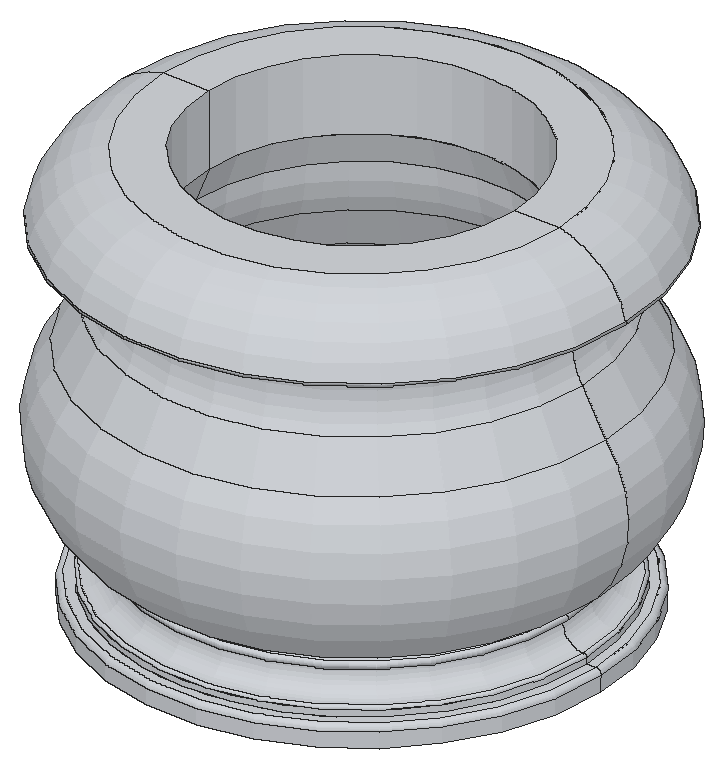
Revit family
Parameters (values of type "SBSP-142.4")
  Width = 4' - 0"
  URL = "www.strombergarchitectural.com"
  Top Material = GFRC
  Submittal Sheet = "www.strombergarchitectural.com/images/materials/gfrc/submittal/gfrc-submittal-sheet.pdf"
  Specifications = "www.strombergarchitectural.com/gfrcspecifications"
  Model Cut-sheet = "www.strombergarchitectural.com/products/bollards/design/SBSP-142"
  Model = "SBSP-142"
  Manufacturer = "Stromberg Architectural Products"
  Guidebook = "www.strombergarchitectural.com/images/materials/gfrc/handbooks/gfrc_guidebook.pdf"
  Frame Material = none
  Description = "GFRC Bollard"
  Assembly Code = ""
  Height = 3' - 0"
  XXX.5 = no
  XXX.4 = yes
  XXX.3 = no
  XXX.2 = no
  XXX.1 = no
Types (5): name | Width | Guidebook | Height | XXX.4 | XXX.3 | XXX.2 | XXX.1
  (no name) | 4' - 0" | "www.strombergarchitectural.com/images/materials/gfrc/handbooks/gfrc_guidebook.pdf" | 3' - 0" | yes | no | no | no
  SBSP-142.3 | 3' - 4" | "www.strombergarchitectural.com/images/materials/gfrc/handbooks/gfrc_guidebook.pdf" | 2' - 6" | no | yes | no | no
  SBSP-142.1 | 2' - 0" | "www.strombergarchitectural.com/images/materials/gfrc/handbooks/gfrc_guidebook.pdf   \r\n(http://www.strombergarchitectural.com/images/materials/gfrc/handbooks/gfrc_guidebook.pdf" | 1' - 6" | no | no | no | yes
  SBSP-142.2 | 2' - 8" | "www.strombergarchitectural.com/images/materials/gfrc/handbooks/gfrc_guidebook.pdf" | 2' - 0" | no | no | yes | no
  SBSP-142.4 | 4' - 0" | "www.strombergarchitectural.com/images/materials/gfrc/handbooks/gfrc_guidebook.pdf" | 3' - 0" | yes | no | no | no
Reference planes (in)
  plane 1 "Center (Front/Back)": y = 3.74847
  plane 2: z = 0
  plane 3 "Center (Left/Right)": x = 0.7278
Forms (in)
  Revolve 1, solid, visible <- "XXX.1"
    sketch origin (90.2363, -5.75153, 48) x (0, 0, -1) y (1, 0, 0)
      loop
        line (30, -82.63273) -> (33.17097, -82.63273) -> (34.60263, -82.05312)
        arc (34.60263, -82.05312) -> (35.85008, -81.84383) -> (36.99085, -81.29742) r 4.5246
        line (36.99085, -81.29742) -> (38.93289, -80.21336)
        arc (38.93289, -80.21336) -> (41.49595, -79.5803) -> (43.49101, -81.3094) r 2.86893
        arc (43.49101, -81.3094) -> (44.47109, -82.36705) -> (45.90771, -82.49072) r 2
        arc (45.90771, -82.49072) -> (45.98516, -82.48729) -> (46.0625, -82.48183) r 2.95247
        line (46.0625, -82.48183) -> (46.0625, -89.5085) -> (48, -89.5085) -> (48, -78.76537) -> (47.35331, -78.76537)
        arc (47.35331, -78.76537) -> (47.17654, -78.8386) -> (47.10331, -79.01537) r 0.25
        line (47.10331, -79.01537) -> (47.10331, -79.41972) -> (46.83076, -79.41972)
        arc (46.83076, -79.41972) -> (46.74237, -79.45633) -> (46.70576, -79.54472) r 0.125
        arc (46.70576, -79.54472) -> (46.43003, -80.23995) -> (45.72437, -80.48776) r 0.90147
        line (45.72437, -80.48776) -> (45.72437, -80.42605)
        arc (45.72437, -80.42605) -> (45.58263, -80.26348) -> (45.40226, -80.38174) r 0.1641
        line (45.40226, -80.38174) -> (45.3494, -80.57023)
        arc (45.3494, -80.57023) -> (42.07962, -77.66515) -> (37.79754, -78.55661) r 4.86893
        line (37.79754, -78.55661) -> (35.96002, -79.58233)
        arc (35.96002, -79.58233) -> (34.98314, -79.99217) -> (33.92433, -79.95778) r 2.48439
        arc (33.92433, -79.95778) -> (33.31504, -79.49318) -> (32.99581, -78.79662) r 1.58074
        arc (32.99581, -78.79662) -> (32.91965, -78.27578) -> (32.88509, -77.75053) r 6.62466
        arc (32.88509, -77.75053) -> (32.8349, -77.65361) -> (32.72772, -77.63305) r 0.125
        arc (32.72772, -77.63305) -> (30.91922, -78.72857) -> (30, -80.63273) r 3.71957
        line (30, -80.63273) -> (30, -82.63273)
      axis (30, -89.5085) -> (48, -89.5085)
    angle from 0 to 360
  Revolve 2, solid, visible <- "XXX.2"
    sketch origin (90.2363, -5.75153, 48) x (0, 0, -1) y (1, 0, 0)
      loop
        arc (27.63695, -73.70417) -> (25.22563, -75.16485) -> (24, -77.70374) r 4.95943
        line (24, -77.70374) -> (24, -80.3704) -> (28.22796, -80.3704) -> (30.13683, -79.59758)
        arc (30.13683, -79.59758) -> (31.8001, -79.31854) -> (33.32113, -78.58998) r 6.0328
        line (33.32113, -78.58998) -> (35.91051, -77.14457)
        arc (35.91051, -77.14457) -> (39.32793, -76.30049) -> (41.98801, -78.60597) r 3.82525
        arc (41.98801, -78.60597) -> (43.29478, -80.01617) -> (45.21028, -80.18106) r 2.66667
        arc (45.21028, -80.18106) -> (45.31355, -80.17649) -> (45.41667, -80.1692) r 3.93662
        line (45.41667, -80.1692) -> (45.41667, -89.5085) -> (48, -89.5085) -> (48, -75.21393) -> (47.13775, -75.21393)
        arc (47.13775, -75.21393) -> (46.90205, -75.31156) -> (46.80442, -75.54726) r 0.33333
        line (46.80442, -75.54726) -> (46.80442, -76.08639) -> (46.44101, -76.08639)
        arc (46.44101, -76.08639) -> (46.32316, -76.13521) -> (46.27435, -76.25306) r 0.16667
        arc (46.27435, -76.25306) -> (45.90671, -77.18003) -> (44.96583, -77.51044) r 1.20196
        line (44.96583, -77.51044) -> (44.96583, -77.42817)
        arc (44.96583, -77.42817) -> (44.77684, -77.2114) -> (44.53634, -77.36909) r 0.21881
        line (44.53634, -77.36909) -> (44.46587, -77.6204)
        arc (44.46587, -77.6204) -> (40.10616, -73.74697) -> (34.39672, -74.93558) r 6.49191
        line (34.39672, -74.93558) -> (31.94669, -76.30321)
        arc (31.94669, -76.30321) -> (30.64419, -76.84966) -> (29.23244, -76.8038) r 3.31252
        arc (29.23244, -76.8038) -> (28.42005, -76.18433) -> (27.99441, -75.25559) r 2.10765
        arc (27.99441, -75.25559) -> (27.89287, -74.56113) -> (27.84678, -73.8608) r 8.83288
        arc (27.84678, -73.8608) -> (27.77987, -73.73158) -> (27.63695, -73.70417) r 0.16667
      axis (24, -89.5085) -> (48, -89.5085)
    angle from 0 to 360
  Revolve 3, solid, visible <- "XXX.3"
    sketch origin (90.2363, -5.75153, 48) x (0, 0, -1) y (1, 0, 0)
      loop
        line (18, -74.7468) -> (18, -78.08014) -> (23.28494, -78.08014) -> (25.67104, -77.11411)
        arc (25.67104, -77.11411) -> (27.75013, -76.7653) -> (29.65141, -75.85461) r 7.541
        line (29.65141, -75.85461) -> (32.88814, -74.04784)
        arc (32.88814, -74.04784) -> (37.15992, -72.99275) -> (40.48501, -75.87459) r 4.78156
        arc (40.48501, -75.87459) -> (42.11848, -77.63734) -> (44.51285, -77.84346) r 3.33333
        arc (44.51285, -77.84346) -> (44.64194, -77.83774) -> (44.77083, -77.82864) r 4.92078
        line (44.77083, -77.82864) -> (44.77083, -89.5085) -> (48, -89.5085) -> (48, -71.63454) -> (46.92219, -71.63454)
        arc (46.92219, -71.63454) -> (46.62756, -71.75658) -> (46.50552, -72.05121) r 0.41667
        line (46.50552, -72.05121) -> (46.50552, -72.72512) -> (46.05126, -72.72512)
        arc (46.05126, -72.72512) -> (45.90395, -72.78614) -> (45.84293, -72.93345) r 0.20833
        arc (45.84293, -72.93345) -> (45.38339, -74.09216) -> (44.20729, -74.50518) r 1.50244
        line (44.20729, -74.50518) -> (44.20729, -74.40234)
        arc (44.20729, -74.40234) -> (43.97105, -74.13138) -> (43.67043, -74.32849) r 0.27351
        line (43.67043, -74.32849) -> (43.58233, -74.64264)
        arc (43.58233, -74.64264) -> (38.13271, -69.80084) -> (30.99591, -71.28661) r 8.11489
        line (30.99591, -71.28661) -> (27.93337, -72.99614)
        arc (27.93337, -72.99614) -> (26.30523, -73.6792) -> (24.54055, -73.62188) r 4.14065
        arc (24.54055, -73.62188) -> (23.52506, -72.84754) -> (22.99301, -71.68662) r 2.63456
        arc (22.99301, -71.68662) -> (22.86608, -70.81855) -> (22.80848, -69.94314) r 11.0411
        arc (22.80848, -69.94314) -> (22.72484, -69.7816) -> (22.54619, -69.74734) r 0.20833
        arc (22.54619, -69.74734) -> (19.53203, -71.5732) -> (18, -74.7468) r 6.19928
      axis (18, -89.5085) -> (48, -89.5085)
    angle from 0 to 360
  Revolve 4, solid, visible <- "XXX.4"
    sketch origin (90.2363, -5.75153, 48) x (0, 0, -1) y (1, 0, 0)
      loop
        line (12, -71.78821) -> (12, -75.78821) -> (18.34193, -75.78821) -> (21.20525, -74.62898)
        arc (21.20525, -74.62898) -> (23.70015, -74.21041) -> (25.9817, -73.11758) r 9.0492
        line (25.9817, -73.11758) -> (29.86577, -70.94946)
        arc (29.86577, -70.94946) -> (34.9919, -69.68335) -> (38.98202, -73.14156) r 5.73787
        arc (38.98202, -73.14156) -> (40.94217, -75.25686) -> (43.81542, -75.5042) r 4
        arc (43.81542, -75.5042) -> (43.97032, -75.49734) -> (44.125, -75.48641) r 5.90493
        line (44.125, -75.48641) -> (44.125, -89.5085) -> (48, -89.5085) -> (48, -68.0535) -> (46.70663, -68.0535)
        arc (46.70663, -68.0535) -> (46.35307, -68.19995) -> (46.20663, -68.5535) r 0.5
        line (46.20663, -68.5535) -> (46.20663, -69.36219) -> (45.66152, -69.36219)
        arc (45.66152, -69.36219) -> (45.48474, -69.43542) -> (45.41152, -69.61219) r 0.25
        arc (45.41152, -69.61219) -> (44.86007, -71.00265) -> (43.44874, -71.49826) r 1.80293
        line (43.44874, -71.49826) -> (43.44874, -71.37486)
        arc (43.44874, -71.37486) -> (43.16526, -71.04971) -> (42.80451, -71.28624) r 0.32821
        line (42.80451, -71.28624) -> (42.6988, -71.66321)
        arc (42.6988, -71.66321) -> (36.15925, -65.85306) -> (27.59509, -67.63598) r 9.73787
        line (27.59509, -67.63598) -> (23.92004, -69.68742)
        arc (23.92004, -69.68742) -> (21.96628, -70.5071) -> (19.84866, -70.4383) r 4.96877
        arc (19.84866, -70.4383) -> (18.63007, -69.5091) -> (17.99162, -68.116) r 3.16147
        arc (17.99162, -68.116) -> (17.8393, -67.07431) -> (17.77017, -66.02381) r 13.24932
        arc (17.77017, -66.02381) -> (17.66981, -65.82997) -> (17.45543, -65.78886) r 0.25
        arc (17.45543, -65.78886) -> (13.83844, -67.97988) -> (12, -71.78821) r 7.43914
      axis (12, -89.5085) -> (48, -89.5085)
    angle from 0 to 360
Dimensions and locks (in)
  aligned and locked: level to plane 2
